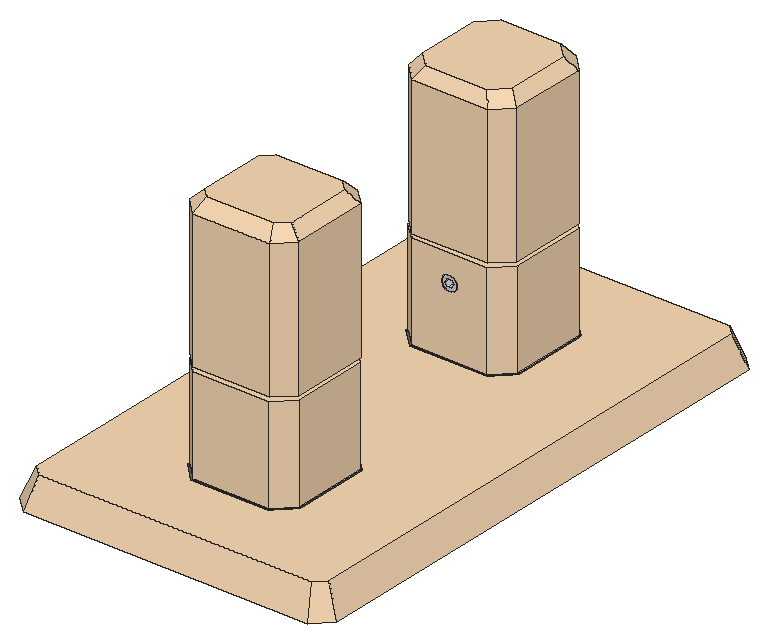
Revit family "Shower-Valve_Trim-KALLISTA-Italy-P33364", category Specialty Equipment, host Face, Revit 2021
Family settings
  Host = Face
  Round Connector Dimension = Use Diameter
  Part Type = Normal
  OmniClass Number = 23.31.25.00
  OmniClass Title = Toilet and Bath Specialties
  Cut with Voids When Loaded = No
  Shared = No
  Room Calculation Point = No
Parameters (values of type "2MB-Brushed Brass")
  Width = 4.56693"  # constant formula
  WaterSense Certified = 1 = 0  # no
  URL = "https://www.kallista.com/"
  Type = 1
  Product Page URL = ""
  Product Name = "Italy"  # constant formula
  Product Documentation Link = ""
  Model = if(Type = 1, "P33364-00-2MB", if(Type = 2, "P33364-00-BGP", if(Type = 3, "P33364-00-BLH", if(Type = 4, "P33364-00-BN", if(Type = 5, "P33364-00-CP", if(Type = 6, "P33364-00-PGP", "NA"))))))  # "P33364-00-2MB"
  Material = "Premium Metal Construction"  # constant formula
  Master Format 2014 Name = "Toilet, Bath, and Laundry Accessories"  # constant formula
  Master Format 2014 = "10 28 00"  # constant formula
  Manufacturer Address = "444 Highland Dr, Kohler, WI 53044"  # constant formula
  Manufacturer = "Kallista Co."  # constant formula
  Length = 4.01575"  # constant formula
  Height = 7.87402"  # constant formula
  Handle Clearance = 1 147/256"  # constant formula
  Finish = Kallista-Metal-2MB- Brushed_Brass
  Environmental Product Declaration = ""
  Description = "2-Outlet Stacked Thermostatic Trim With Diverter"  # constant formula
  Default Elevation = 42"
  Declare Label = ""
  Date Modified = "10/18/2024"  # constant formula
  Date Created = "10/18/2024"  # constant formula
  Copyright = "Copyright Kallista Co."  # constant formula
  Contact Us = "https://www.kallista.com/corporate/contact-us/"
  Assembly Code = "C1030200"
  ADA Compliant = 1 = 0  # no
Types (7): name | Type | Model | Finish
  (no name) | 1 | "P33364-00-2MB" | Kallista-Metal-2MB- Brushed_Brass
  2MB-Brushed Brass | 1 | "P33364-00-2MB" | Kallista-Metal-2MB- Brushed_Brass
  BGP-Brushed Graphite | 2 | "P33364-00-BGP" | Kallista-Metal-BGP-Brushed_Graphite
  BLH-Blush Brass | 3 | "P33364-00-BLH" | Kallista-Metal-BLH-Blush_Brass
  BN-Brushed Nickel | 4 | "P33364-00-BN" | Kallista-Metal-BN-Brushed_Nickel
  CP-Chrome | 5 | "P33364-00-CP" | Kallista-Metal-CP-Chrome
  PGP-Polished Graphite | 6 | "P33364-00-PGP" | Kallista-Metal-PGP-Polished_Graphite
Reference planes (in)
  plane 1 "Center (Front/Back)": y = 0
  plane 2: z = 0
  plane 3 "Center (Left/Right)": x = 0
  plane 4: y = 3.75532
  plane 5: y = 3.93701
  plane 6: y = -3.93701
  plane 7: x = -2.28346
  plane 8: x = 2.28346
  plane 9: y = -1.9685
  plane 10: y = 1.9685
  plane 11: x = -0.7874
  plane 12: x = 0.78682
  plane 13: z = 4.01575
  plane 14: z = 0.43307
  plane 15: y = -1.04721
  plane 16: y = 2.75591
  plane 17: y = 1.1811
  plane 18: y = 1.9685
  plane 19: y = 1.9685
  plane 20: y = -2.75591
  plane 21: y = -1.1811
Dimensions and locks (in)
  "Width": plane 7 to plane 8
  "Height": plane 5 to plane 6
  "Length": level to plane 13
  "Handle Clearance": plane 11 to plane 12
  plane 10 to plane 9 = 3.93701"
  plane 5 to plane 6 = 7.87402"  (x2)
  plane 16 to plane 17 = 1.5748"  (x2)
  plane 21 to plane 20 = 1.5748"  (x2)
  plane 6 to plane 5 = 7.87402"
  level to plane 13 = 4.01575"  (x2)
  plane 17 to plane 16 = 1.5748"
  plane 20 to plane 21 = 1.5748"
  plane 7 to plane 8 = 4.56693"
  plane 11 to plane 12 = 1 147/256"
  level to plane 14 = 0.43307"  (x2)
  plane 14 to level = 0.43307"
  aligned and locked: plane 2 to host face
  aligned and locked: level to host face
  aligned and locked: plane 3 "Center (Left/Right)" to nested 1
  aligned and locked: plane 1 "Center (Front/Back)" to nested 1
Automatic sketch dimensions
  host sketch curve to host sketch curve = 96"  (x2)
Nested families (in)
  nested 1: "P33364" at (0, 0, 0), type "P33364"
Definition of nested family "P33364"
  Parameters
    Material = none
    Default Elevation = 0"
  Reference planes (in)
    plane 1 "Center (Front/Back)": y = 0
    plane 2: z = 0
    plane 3 "Center (Left/Right)": x = 0
    plane 4: y = -3.93701
    plane 5: y = 3.93701
    plane 6: x = -2.28346
    plane 7: x = 2.28346
    plane 8: y = 1.9685
    plane 9: y = -1.9685
    plane 10: y = -1.9685
    plane 11: z = 3.85802
    plane 12: z = 0.43307
    plane 13: z = 4.01575
    plane 14: y = -1.04721
    plane 15: x = 0.7874
    plane 16: x = -0.7874
    plane 17: y = 2.75591
    plane 18: y = 1.1811
    plane 19: y = -2.75591
    plane 20: y = -1.1811
  Forms (in)
    Blend 1, solid, material <- "Material", detail levels medium+fine
      base sketch origin (0, 0, 0) x (1, 0, 0) y (0, 1, 0)
        loop
          line (2.05113, 3.93701) -> (-2.0469, 3.93701) -> (-2.28346, 3.70044) -> (-2.28346, -3.69967) -> (-2.04613, -3.93701) -> (2.0497, -3.93701) -> (2.28346, -3.70325) -> (2.28346, 3.70468) -> (2.05113, 3.93701)
      top sketch origin (0, 0, 0) x (1, 0, 0) y (0, 1, 0)
        loop
          line (-1.98293, 3.75532) -> (-2.10632, 3.63193) -> (-2.10632, -3.62597) -> (-1.97127, -3.76102) -> (1.97189, -3.76102) -> (2.10291, -3.63) -> (2.10291, 3.63109) -> (1.97868, 3.75532) -> (-1.98293, 3.75532)
      from 0 to 0.43358
    Blend 2, solid, material <- "Material", detail levels medium+fine
      base sketch origin (0, 0, 0) x (1, 0, 0) y (0, 1, 0)
        loop
          line (-0.78877, 1.41604) -> (-0.55057, 1.17783) -> (0.54389, 1.17783) -> (0.78877, 1.42271) -> (0.78877, 2.51429) -> (0.54389, 2.75917) -> (-0.55057, 2.75917) -> (-0.78877, 2.52097) -> (-0.78877, 1.41604)
      top sketch origin (0, 0, 0) x (1, 0, 0) y (0, 1, 0)
        loop
          line (-0.78877, 1.41604) -> (-0.55057, 1.17783) -> (0.54389, 1.17783) -> (0.78877, 1.42271) -> (0.78877, 2.51429) -> (0.54389, 2.75917) -> (-0.55057, 2.75917) -> (-0.78877, 2.52097) -> (-0.78877, 1.41604)
      from 0.43358 to 1.81471
    Blend 3, solid, material <- "Material", detail levels medium+fine
      base sketch origin (0, 0, 0) x (1, 0, 0) y (0, 1, 0)
        loop
          line (-0.78877, -1.41604) -> (-0.78877, -2.52097) -> (-0.55057, -2.75917) -> (0.54389, -2.75917) -> (0.78877, -2.51429) -> (0.78877, -1.42271) -> (0.54389, -1.17783) -> (-0.55057, -1.17783) -> (-0.78877, -1.41604)
      top sketch origin (0, 0, 0) x (1, 0, 0) y (0, 1, 0)
        loop
          line (-0.78877, -1.41604) -> (-0.78877, -2.52097) -> (-0.55057, -2.75917) -> (0.54389, -2.75917) -> (0.78877, -2.51429) -> (0.78877, -1.42271) -> (0.54389, -1.17783) -> (-0.55057, -1.17783) -> (-0.78877, -1.41604)
      from 0.43358 to 1.81471
    Revolve 4, solid, detail levels medium+fine
      sketch origin (0, 0, 0) x (0, 1, 0) y (0, 0, 1)
        loop
          line (1.9685, 1.8777) -> (1.9685, 1.81471) -> (2.43095, 1.81471) -> (2.43095, 1.8462) -> (2.69687, 1.8462) -> (2.69687, 1.8777) -> (1.9685, 1.8777)
        axis (1.9685, 1.81471) -> (1.9685, 1.8777)
      angle from 0 to 360
    Revolve 5, solid, detail levels medium+fine
      sketch origin (0, 0, 0) x (0, -1, 0) y (0, 0, -1)
        loop
          line (1.9685, -1.8777) -> (2.69687, -1.8777) -> (2.69687, -1.8462) -> (2.43095, -1.8462) -> (2.43095, -1.81471) -> (1.9685, -1.81471) -> (1.9685, -1.8777)
        axis (1.9685, -1.81471) -> (1.9685, -1.8777)
      angle from 0 to 360
    Extrusion 6, solid, material <- "Material", detail levels medium+fine
      sketch origin (0, 0, 0) x (1, 0, 0) y (0, 1, 0)
        loop
          line (0.78662, 1.41005) -> (0.78662, 2.52024) -> (0.55213, 2.75473) -> (-0.54829, 2.75473) -> (-0.78819, 2.51483) -> (-0.78819, 1.4247) -> (-0.53905, 1.17556) -> (0.55213, 1.17556) -> (0.78662, 1.41005)
      from 1.8777 to 3.85967
    Extrusion 7, solid, material <- "Material", detail levels medium+fine
      sketch origin (0, 0, 0) x (1, 0, 0) y (0, 1, 0)
        loop
          line (0.78662, -1.41005) -> (0.55213, -1.17556) -> (-0.53905, -1.17556) -> (-0.78819, -1.4247) -> (-0.78819, -2.51483) -> (-0.54829, -2.75473) -> (0.55213, -2.75473) -> (0.78662, -2.52024) -> (0.78662, -1.41005)
      from 1.8777 to 3.85967
    Blend 8, solid, material <- "Material", detail levels medium+fine
      base sketch origin (0, 0, 0) x (1, 0, 0) y (0, 1, 0)
        loop
          line (0.78662, 1.41005) -> (0.78662, 2.52024) -> (0.55213, 2.75473) -> (-0.54829, 2.75473) -> (-0.78819, 2.51483) -> (-0.78819, 1.4247) -> (-0.53905, 1.17556) -> (0.55213, 1.17556) -> (0.78662, 1.41005)
      top sketch origin (0, 0, 0) x (1, 0, 0) y (0, 1, 0)
        loop
          line (-0.43623, 2.64079) -> (-0.64925, 2.42778) -> (-0.64925, 1.50923) -> (-0.43623, 1.29621) -> (0.43623, 1.29621) -> (0.64925, 1.50923) -> (0.64925, 2.42778) -> (0.43623, 2.64079) -> (-0.43623, 2.64079)
      from 3.85967 to 4.02402
    Blend 9, solid, material <- "Material", detail levels medium+fine
      base sketch origin (0, 0, 0) x (1, 0, 0) y (0, 1, 0)
        loop
          line (0.55213, -1.17556) -> (-0.53905, -1.17556) -> (-0.78819, -1.4247) -> (-0.78819, -2.51483) -> (-0.54829, -2.75473) -> (0.55213, -2.75473) -> (0.78662, -2.52024) -> (0.78662, -1.41005) -> (0.55213, -1.17556)
      top sketch origin (0, 0, 0) x (1, 0, 0) y (0, 1, 0)
        loop
          line (-0.48545, -2.59158) -> (0.48545, -2.59158) -> (0.62464, -2.45239) -> (0.62464, -1.48462) -> (0.48545, -1.34543) -> (-0.48545, -1.34543) -> (-0.62464, -1.48462) -> (-0.62464, -2.45239) -> (-0.48545, -2.59158)
      from 3.85967 to 4.02402
    Extrusion 10, void
      sketch origin (0, 0, 0) x (1, 0, 0) y (0, 0, 1)
        loop
          circle (-0.00221, 1.42345) r 0.11024
      from -1.49506 to -1.14184
    Extrusion 11, solid, detail levels medium+fine
      sketch origin (0, 0, 0) x (1, 0, 0) y (0, 0, 1)
        loop
          circle (0.00119, 1.42046) r 0.1063
        loop
          line (-0.06493, 1.42128) -> (-0.03217, 1.36454) -> (0.03291, 1.36454) -> (0.06605, 1.42194) -> (0.03301, 1.47916) -> (-0.03151, 1.47916) -> (-0.06493, 1.42128)
      from -1.49506 to -1.18137
    Extrusion 12, solid, material <- "Material", detail levels medium+fine
      sketch origin (0, 0, 0) x (1, 0, 0) y (0, 0, 1)
        loop
          line (0.14917, 2.60015) -> (0.14917, 2.87507)
          arc (0.14917, 2.87507) -> (0.00134, 3.02289) -> (-0.14648, 2.87507) r 0.14782
          line (-0.14648, 2.87507) -> (-0.14648, 2.60015)
          arc (-0.14648, 2.60015) -> (0.00134, 2.45232) -> (0.14917, 2.60015) r 0.14782
        loop
          arc (0.09824, 2.87666) -> (0.00063, 2.97427) -> (-0.09697, 2.87666) r 0.09761
          line (-0.09697, 2.87666) -> (-0.09697, 2.59704)
          arc (-0.09697, 2.59704) -> (0.00063, 2.49944) -> (0.09824, 2.59704) r 0.09761
          line (0.09824, 2.59704) -> (0.09824, 2.87666)
      from 1.04721 to 1.31456
    Extrusion 13, solid, material <- "Material", detail levels medium+fine
      sketch origin (0, 0, 0) x (1, 0, 0) y (0, 0, 1)
        loop
          arc (0.09824, 2.87666) -> (0.00063, 2.97427) -> (-0.09697, 2.87666) r 0.09761
          line (-0.09697, 2.87666) -> (-0.09697, 2.59704)
          arc (-0.09697, 2.59704) -> (0.00063, 2.49944) -> (0.09824, 2.59704) r 0.09761
          line (0.09824, 2.59704) -> (0.09824, 2.87666)
      from 1.04721 to 1.41604
    Blend 14, solid, material <- "Material", detail levels coarse
      base sketch origin (0, 0, 0) x (1, 0, 0) y (0, 1, 0)
        loop
          line (2.28346, 3.93701) -> (-2.28346, 3.93701) -> (-2.28346, -3.93701) -> (2.28346, -3.93701) -> (2.28346, 3.93701)
      top sketch origin (0, 0, 0) x (1, 0, 0) y (0, 1, 0)
        loop
          line (2.10291, -3.76102) -> (2.10291, 3.75532) -> (-2.10632, 3.75532) -> (-2.10632, -3.76102) -> (2.10291, -3.76102)
      from 0 to 0.43358
    Blend 15, solid, material <- "Material", detail levels coarse
      base sketch origin (0, 0, 0) x (1, 0, 0) y (0, 1, 0)
        loop
          line (0.78662, 1.41005) -> (0.78662, 2.52024) -> (0.55213, 2.75473) -> (-0.54829, 2.75473) -> (-0.78819, 2.51483) -> (-0.78819, 1.4247) -> (-0.53905, 1.17556) -> (0.55213, 1.17556) -> (0.78662, 1.41005)
      top sketch origin (0, 0, 0) x (1, 0, 0) y (0, 1, 0)
        loop
          line (0.78662, 1.41005) -> (0.78662, 2.52024) -> (0.55213, 2.75473) -> (-0.54829, 2.75473) -> (-0.78819, 2.51483) -> (-0.78819, 1.4247) -> (-0.53905, 1.17556) -> (0.55213, 1.17556) -> (0.78662, 1.41005)
      from 0 to 4.02402
    Blend 16, solid, material <- "Material", detail levels coarse
      base sketch origin (0, 0, 0) x (1, 0, 0) y (0, 1, 0)
        loop
          line (0.78662, -1.41005) -> (0.55213, -1.17556) -> (-0.53905, -1.17556) -> (-0.78819, -1.4247) -> (-0.78819, -2.51483) -> (-0.54829, -2.75473) -> (0.55213, -2.75473) -> (0.78662, -2.52024) -> (0.78662, -1.41005)
      top sketch origin (0, 0, 0) x (1, 0, 0) y (0, 1, 0)
        loop
          line (0.78662, -1.41005) -> (0.55213, -1.17556) -> (-0.53905, -1.17556) -> (-0.78819, -1.4247) -> (-0.78819, -2.51483) -> (-0.54829, -2.75473) -> (0.55213, -2.75473) -> (0.78662, -2.52024) -> (0.78662, -1.41005)
      from 0 to 4.02402
    Extrusion 17, solid, material <- "Material", detail levels coarse
      sketch origin (0, 0, 0) x (1, 0, 0) y (0, 0, 1)
        loop
          line (-0.14648, 2.87507) -> (-0.14648, 2.60015)
          arc (-0.14648, 2.60015) -> (0.00134, 2.45232) -> (0.14917, 2.60015) r 0.14782
          line (0.14917, 2.60015) -> (0.14917, 2.87507)
          arc (0.14917, 2.87507) -> (0.00134, 3.02289) -> (-0.14648, 2.87507) r 0.14782
      from 1.03851 to 1.42271
    Extrusion 18, void
      sketch origin (0, 0, 0) x (1, 0, 0) y (0, 1, 0)
        loop
          line (0.55204, -1.15815) -> (-0.55872, -1.15815) -> (-0.80846, -1.40788) -> (-0.80846, -2.52913) -> (-0.55872, -2.77886) -> (0.55204, -2.77886) -> (0.80846, -2.52245) -> (0.80846, -1.41456) -> (0.55204, -1.15815)
        loop
          line (0.80846, 1.41456) -> (0.80846, 2.52245) -> (0.55204, 2.77886) -> (-0.55872, 2.77886) -> (-0.80846, 2.52913) -> (-0.80846, 1.40788) -> (-0.55872, 1.15815) -> (0.55204, 1.15815) -> (0.80846, 1.41456)
        loop
          line (-0.78877, 1.41604) -> (-0.55057, 1.17783) -> (0.54389, 1.17783) -> (0.78877, 1.42271) -> (0.78877, 2.51429) -> (0.54389, 2.75917) -> (-0.55057, 2.75917) -> (-0.78877, 2.52097) -> (-0.78877, 1.41604)
        loop
          line (-0.78877, -2.52097) -> (-0.55057, -2.75917) -> (0.54389, -2.75917) -> (0.78877, -2.51429) -> (0.78877, -1.42271) -> (0.54389, -1.17783) -> (-0.55057, -1.17783) -> (-0.78877, -1.41604) -> (-0.78877, -2.52097)
      from 0.41211 to 0.50627
    Extrusion 19, solid, detail levels medium+fine
      sketch origin (0, 0, 0) x (1, 0, 0) y (0, 1, 0)
        loop
          line (0.55204, -1.15815) -> (-0.55872, -1.15815) -> (-0.80846, -1.40788) -> (-0.80846, -2.52913) -> (-0.55872, -2.77886) -> (0.55204, -2.77886) -> (0.80846, -2.52245) -> (0.80846, -1.41456) -> (0.55204, -1.15815)
        loop
          line (0.80846, 1.41456) -> (0.80846, 2.52245) -> (0.55204, 2.77886) -> (-0.55872, 2.77886) -> (-0.80846, 2.52913) -> (-0.80846, 1.40788) -> (-0.55872, 1.15815) -> (0.55204, 1.15815) -> (0.80846, 1.41456)
        loop
          line (-0.78877, 1.41604) -> (-0.55057, 1.17783) -> (0.54389, 1.17783) -> (0.78877, 1.42271) -> (0.78877, 2.51429) -> (0.54389, 2.75917) -> (-0.55057, 2.75917) -> (-0.78877, 2.52097) -> (-0.78877, 1.41604)
        loop
          line (-0.78877, -2.52097) -> (-0.55057, -2.75917) -> (0.54389, -2.75917) -> (0.78877, -2.51429) -> (0.78877, -1.42271) -> (0.54389, -1.17783) -> (-0.55057, -1.17783) -> (-0.78877, -1.41604) -> (-0.78877, -2.52097)
      from 0.41211 to 0.43358
  Cuts and joins
    joined: Extrusion 12, Extrusion 13
    Extrusion 10 cuts Blend 2
    joined: Blend 2, Blend 3
    joined: Extrusion 7, Blend 9
    joined: Extrusion 6, Blend 8
    Extrusion 18 cuts Blend 1
  Lines and regions (in)
    Masking region 1
      outline origin (0, 0, 0) x (1, 0, 0) y (0, 1, 0)
        loop
          line (2.28346, 3.70468) -> (2.05113, 3.93701) -> (-2.0469, 3.93701) -> (-2.28346, 3.70044) -> (-2.28346, -3.69967) -> (-2.04613, -3.93701) -> (2.0497, -3.93701) -> (2.28346, -3.70325) -> (2.28346, 3.70468)
    Masking region 2
      outline origin (0, 0, 0) x (1, 0, 0) y (0, 0, 1)
        loop
          line (0.6328, 4.01575) -> (-0.6328, 4.01575) -> (-0.7874, 3.85887) -> (-0.7874, 1.8777) -> (-0.72837, 1.8777) -> (-0.72837, 1.8462) -> (-0.46325, 1.8462) -> (-0.46325, 1.81471) -> (-0.7874, 1.81471) -> (-0.7874, 0.43307) -> (-2.10558, 0.43307) -> (-2.28346, 0.25518) -> (-2.28346, 0) -> (2.28346, 0) -> (2.28346, 0.25518) -> (2.10558, 0.43307) -> (0.7874, 0.43307) -> (0.7874, 1.81471) -> (0.46325, 1.81471) -> (0.46325, 1.8462) -> (0.72837, 1.8462) -> (0.72837, 1.8777) -> (0.7874, 1.8777) -> (0.7874, 3.85887) -> (0.6328, 4.01575)
    Masking region 3
      outline origin (0, 0, 0) x (0, 1, 0) y (0, 0, 1)
        loop
          line (3.93701, 0) -> (3.93701, 0.25518) -> (3.75912, 0.43307) -> (2.75591, 0.43307) -> (2.75591, 1.81471) -> (2.43095, 1.81471) -> (2.43095, 1.8462) -> (2.69687, 1.8462) -> (2.69687, 1.8777) -> (2.75591, 1.8777) -> (2.75591, 3.85848) -> (2.5998, 4.01575) -> (1.33721, 4.01575) -> (1.1811, 3.85848) -> (1.1811, 1.8777) -> (1.24014, 1.8777) -> (1.24014, 1.8462) -> (1.50606, 1.8462) -> (1.50606, 1.81471) -> (1.1811, 1.81471) -> (1.1811, 0.43307) -> (-1.1811, 0.43307) -> (-1.1811, 1.81471) -> (-1.50606, 1.81471) -> (-1.50606, 1.8462) -> (-1.24014, 1.8462) -> (-1.24014, 1.8777) -> (-1.1811, 1.8777) -> (-1.1811, 2.45232) -> (-1.04721, 2.45232) -> (-1.04721, 3.02289) -> (-1.1811, 3.02289) -> (-1.1811, 3.85848) -> (-1.33721, 4.01575) -> (-2.5998, 4.01575) -> (-2.75591, 3.85848) -> (-2.75591, 1.8777) -> (-2.69687, 1.8777) -> (-2.69687, 1.8462) -> (-2.43095, 1.8462) -> (-2.43095, 1.81471) -> (-2.75591, 1.81471) -> (-2.75591, 0.43307) -> (-3.75912, 0.43307) -> (-3.93701, 0.25518) -> (-3.93701, 0) -> (3.93701, 0)
    symbolic lines, detail levels medium+fine
      curve 1: line (0.55213, 2.75473, 0) -> (-0.54829, 2.75473, 0)
      curve 2: line (-0.78819, 2.51483, 0) -> (-0.78819, 1.4247, 0)
      curve 3: line (-0.54829, 2.75473, 0) -> (-0.78819, 2.51483, 0)
      curve 4: line (-0.78819, 1.4247, 0) -> (-0.53905, 1.17556, 0)
      curve 5: line (-0.53905, 1.17556, 0) -> (0.55213, 1.17556, 0)
      curve 6: line (0.55213, 1.17556, 0) -> (0.78662, 1.41005, 0)
      curve 7: line (0.78662, 1.41005, 0) -> (0.78662, 2.52024, 0)
      curve 8: line (0.48545, 2.59158, 0) -> (-0.48545, 2.59158, 0)
      curve 9: line (-0.48545, 2.59158, 0) -> (-0.62464, 2.45239, 0)
      curve 10: line (-0.62464, 2.45239, 0) -> (-0.62464, 1.48462, 0)
      curve 11: line (-0.62464, 1.48462, 0) -> (-0.48545, 1.34543, 0)
      curve 12: line (-0.48545, 1.34543, 0) -> (0.48545, 1.34543, 0)
      curve 13: line (0.48545, 1.34543, 0) -> (0.62464, 1.48462, 0)
      curve 14: line (0.62464, 1.48462, 0) -> (0.62464, 2.45239, 0)
      curve 15: line (0.62464, 2.45239, 0) -> (0.48545, 2.59158, 0)
      curve 16: line (0.55767, -1.1811, 0) -> (-0.54459, -1.1811, 0)
      curve 17: line (-0.54459, -1.1811, 0) -> (-0.78819, -1.4247, 0)
      curve 18: line (-0.78819, -1.4247, 0) -> (-0.78819, -2.51483, 0)
      curve 19: line (-0.78819, -2.51483, 0) -> (-0.54829, -2.75473, 0)
      curve 20: line (-0.54829, -2.75473, 0) -> (0.55213, -2.75473, 0)
      curve 21: line (0.55213, -2.75473, 0) -> (0.78662, -2.52024, 0)
      curve 22: line (0.78662, -2.52024, 0) -> (0.78662, -1.41005, 0)
      curve 23: line (0.78662, -1.41005, 0) -> (0.55767, -1.1811, 0)
      curve 24: line (0.48545, -1.34543, 0) -> (-0.48545, -1.34543, 0)
      curve 25: line (-0.48545, -1.34543, 0) -> (-0.62464, -1.48462, 0)
      curve 26: line (-0.62464, -1.48462, 0) -> (-0.62464, -2.45239, 0)
      curve 27: line (-0.62464, -2.45239, 0) -> (-0.48545, -2.59158, 0)
      curve 28: line (-0.48545, -2.59158, 0) -> (0.48545, -2.59158, 0)
      curve 29: line (0.48545, -2.59158, 0) -> (0.62464, -2.45239, 0)
      curve 30: line (0.62464, -2.45239, 0) -> (0.62464, -1.48462, 0)
      curve 31: line (0.62464, -1.48462, 0) -> (0.48545, -1.34543, 0)
      curve 32: line (1.97868, 3.75532, 0) -> (-1.98293, 3.75532, 0)
      curve 33: line (-1.98293, 3.75532, 0) -> (-2.10632, 3.63193, 0)
      curve 34: line (-2.10632, 3.63193, 0) -> (-2.10632, -3.62597, 0)
      curve 35: line (-2.10632, -3.62597, 0) -> (-1.97127, -3.76102, 0)
      curve 36: line (-1.97127, -3.76102, 0) -> (1.97189, -3.76102, 0)
      curve 37: line (1.97189, -3.76102, 0) -> (2.10291, -3.63, 0)
      curve 38: line (2.10291, -3.63, 0) -> (2.10291, 3.63109, 0)
      curve 39: line (2.10291, 3.63109, 0) -> (1.97868, 3.75532, 0)
      curve 40: line (2.05113, 3.93701, 0) -> (1.97868, 3.75532, 0)
      curve 41: line (2.28346, 3.70468, 0) -> (2.10291, 3.63109, 0)
      curve 42: line (-2.28346, 3.70044, 0) -> (-2.10632, 3.63193, 0)
      curve 43: line (-1.98293, 3.75532, 0) -> (-2.0469, 3.93701, 0)
      curve 44: line (-2.28346, -3.69967, 0) -> (-2.10632, -3.62597, 0)
      curve 45: line (-2.04613, -3.93701, 0) -> (-1.97127, -3.76102, 0)
      curve 46: line (2.0497, -3.93701, 0) -> (1.97189, -3.76102, 0)
      curve 47: line (2.28346, -3.70325, 0) -> (2.10291, -3.63, 0)
      curve 48: line (0.55213, 2.75473, 0) -> (0.78662, 2.52024, 0)
      curve 49: line (0.72837, 0, 1.8777) -> (-0.72837, 0, 1.8777)
      curve 50: line (0.46325, 0, 1.8462) -> (-0.46325, 0, 1.8462)
      curve 51: line (0.46325, 0, 1.81471) -> (-0.46325, 0, 1.81471)
      curve 52: line (0.78877, 0, 0.43358) -> (-0.78877, 0, 0.43358)
      curve 53: line (2.28346, 0, 0.25518) -> (-2.28346, 0, 0.25518)
      curve 54: line (-0.78819, 0, 3.85967) -> (0.78662, 0, 3.85967)
      curve 55: line (0, 2.75591, 3.85848) -> (0, 1.1811, 3.85848)
      curve 56: line (0, -1.1811, 3.85848) -> (0, -2.75591, 3.85848)
      curve 57: line (0, 2.69687, 1.8777) -> (0, 1.24014, 1.8777)
      curve 58: line (0, 2.43095, 1.8462) -> (0, 1.50606, 1.8462)
      curve 59: line (0, 2.43095, 1.81471) -> (0, 1.50606, 1.81471)
      curve 60: line (0, 2.75591, 0.43307) -> (0, 1.1811, 0.43307)
      curve 61: line (0, 3.93701, 0.25518) -> (0, -3.93701, 0.25518)
      curve 62: line (0, -1.1811, 0.43307) -> (0, -2.75591, 0.43307)
      curve 63: line (0, -1.24014, 1.8777) -> (0, -2.69687, 1.8777)
      curve 64: line (0, -1.50606, 1.8462) -> (0, -2.43095, 1.8462)
      curve 65: line (0, -1.50606, 1.81471) -> (0, -2.43095, 1.81471)
      curve 66: line (0, -1.1811, 3.02289) -> (0, -1.1811, 2.45232)
      curve 67: line (-0.14648, -1.04721, 0) -> (-0.14648, -1.1811, 0)
      curve 68: line (0.14917, -1.04721, 0) -> (0.14917, -1.1811, 0)
      curve 69: line (-0.14648, -1.04721, 0) -> (0.14917, -1.04721, 0)
  Dimensions and locks (in)
    plane 15 to plane 16 = 1.5748"
    plane 19 to plane 20 = 1.5748"
    plane 16 to plane 15 = 1.5748"
    plane 18 to plane 17 = 1.5748"
    aligned and locked: plane 2 to level
    aligned and locked: plane 13 to Masking region 2 sketch curve
    aligned and locked: plane 16 to Masking region 2 sketch curve  (x2)
    aligned and locked: plane 15 to Masking region 2 sketch curve  (x2)
    aligned and locked: plane 12 to Masking region 2 sketch curve  (x2)
    aligned and locked: plane 6 to Masking region 2 sketch curve
    aligned and locked: plane 7 to Masking region 2 sketch curve
    aligned and locked: Masking region 2 sketch curve to level
    aligned and locked: plane 17 to Masking region 3 sketch curve  (x2)
    aligned and locked: plane 18 to Masking region 3 sketch curve  (x2)
    aligned and locked: Masking region 3 sketch curve to plane 13
    aligned and locked: Masking region 3 sketch curve to plane 12  (x3)
    aligned and locked: plane 13 to Masking region 3 sketch curve
    aligned and locked: plane 20 to Masking region 3 sketch curve  (x3)
    aligned and locked: plane 14 to Masking region 3 sketch curve
    aligned and locked: plane 19 to Masking region 3 sketch curve  (x2)
    aligned and locked: Masking region 3 sketch curve to plane 4
